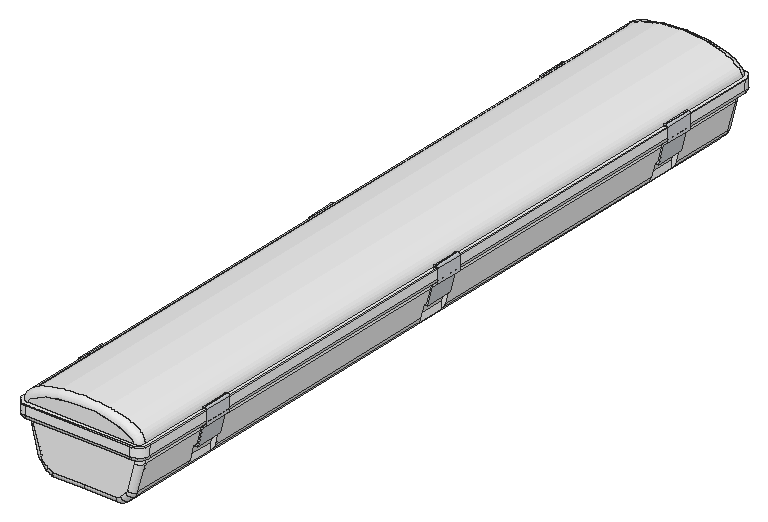
Revit family "0067943 Sylvania Lighting Fixture START Waterproof Twin 600 IP65 DALI 1400lm 840", category Lighting Fixtures, host Face, Revit 2016
Family settings
  Host = Face
  Part Type = Normal
  Round Connector Dimension = Use Diameter
  OmniClass Number = 23.80.70.11.14
  OmniClass Title = General Luminaries, Directional
  Cut with Voids When Loaded = No
  Light Source = Yes
  Shared = No
  Room Calculation Point = No
Parameters (values of type "0067943 ST WTRPRF T 600 IP65 DALI 1400LM 840")
  Width = 110 mm
  Weight = "1.12 kg"
  Wattage Comments = "n/a"
  Wattage = 12 W
  WarrantyStartDate [instance] = "n/a"
  WarrantyGuarantorParts = "n/a"
  WarrantyDurationUnit = "n/a"
  WarrantyDurationParts = "n/a"
  WarrantyDescription = "n/a"
  built-in parameter 1150110 = 1 (stored number, unit not read)
  Voltage = 0 V
  URL = "http://www.sylvania-lighting.com"
  TypeName = "START Waterproof Twin 600 IP65 DALI 1400lm 840"
  Type Image = <None>
  Type Comments = "n/a"
  built-in parameter 1114217 = 1 (stored number, unit not read)
  Tilt Angle = -90.00°
  built-in parameter 1150109 = 1 (stored number, unit not read)
  built-in parameter 1150134 = 12
  built-in parameter 1150113 = 1 (stored number, unit not read)
  SerialNumber [instance] = "n/a"
  ReflectorMaterial = none
  PowerFactor = 0
  PowerConsumption = "12 W"
  Photometric Web File = "0067943.ies"
  NominalWidth = 0 mm
  NominalLength = 665 mm
  NominalHeight = 78 mm
  Name = "START Waterproof Twin 600 IP65 DALI 1400lm 840"
  ModelReference = "START Waterproof Twin 600 IP65 DALI 1400lm 840"
  ModelNumber = "0067943"
  Model = "START Waterproof Twin 600 IP65 DALI 1400lm 840"
  Material = "polycarbonate housing, polycarbonate diffuser"
  ManufacturerName = "Feilo Sylvania"
  Manufacturer = "Feilo Sylvania"
  LuminousEfficacy = "115 lm/W"
  built-in parameter 1150105 = 109.82 (stored number, unit not read)
  Lumens = 1380 lm
  LuminaireType = ""
  built-in parameter 1150115 = 1 (stored number, unit not read)
  LightOutputRatio = "n/a"
  built-in parameter 1150137 = (empty or 0)
  built-in parameter 1150139 = (empty or 0)
  Length = 665 mm
  LampsType = Lamp  # "LED"
  LampNominalLuminous = "1400 lm"
  LampMacAdamStep = "n/a"
  LampColourTemperature = "4000 K"
  LampColourRenderingIndex = "80"
  built-in parameter 1150112 = 1 (stored number, unit not read)
  built-in parameter 1150114 = 1 (stored number, unit not read)
  Lamp = "LED"
  Keynote = "16500"
  InstallationDate [instance] = "n/a"
  InputVoltage = "n/a"
  InputNominalFrequency = "n/a"
  built-in parameter 1150132 = (empty or 0)
  built-in parameter 1150102 = (empty or 0)
  built-in parameter 1150107 = 4000 (stored number, unit not read)
  built-in parameter 1150138 = (empty or 0)
  IngressProtection = "IP65"
  ImpactProtectionIndex = "IK08"
  built-in parameter 1150106 = 1.0982 (stored number, unit not read)
  IfcExportType = "IfcLightFixtureType"
  IfcExportAs = "IfcLightFixtureType"
  ExpectedLife = 50000
  Emit from Rectangle Width = Width - 20 mm  # 90 mm
  Emit from Rectangle Length = Length - 20 mm  # 645 mm
  Emit Shape Visible in Rendering = no
  ElectricShockClassification = "Class I"
  built-in parameter 1150104 = 10.684 (stored number, unit not read)
  DurationUnit = "hours"
  DocumentationLiterature = "http://www.sylvania-lighting.com/product/en-int/products/0067943"
  DimmingControlOptions = "n/a"
  Dimming Lamp Color Temperature Shift = <None>
  DiffuserMaterial = Diffuser-Sylvania-Transparent
  Description = ""
  Default Elevation = 1219.2 mm
  CreatedOn = "11/27/2018"
  CreatedBy = "@sylvania-lighting.com"
  Cost = 0
  Color Filter = 16777215
  built-in parameter 1114216 [instance] = (empty or 0)
  ClassificationValue = "EF_70_80"
  ClassificationName = "Uniclass2015"
  BracketOffset_FEILO = 360 mm
  BodyMaterial = Body-Sylvania-Gray
  BarCode [instance] = "n/a"
  built-in parameter 1114218 = 1 (stored number, unit not read)
  built-in parameter 1150133 = 10 (stored number, unit not read)
  AssetType = "Fixed"
  AssetIdentifier [instance] = "n/a"
  Assembly Code = "D5020200"
  Apparent Load = 12 VA
  AccessoryMaterial = Diffuser-Sylvania-Glow
Reference planes
  plane 1 "Center (Front/Back)": y = 0
  plane 2: z = 0
  plane 3 "Center (Left/Right)": x = 0
  plane 4: z = 54
  plane 5: x = -27.7
  plane 6: x = -34.8
  plane 7: x = -39.6
  plane 8: x = -42.2
  plane 9: z = 3
  plane 10: z = 7.8
  plane 11: z = 12.3
  plane 12: z = 36.6
  plane 13: z = 42.8
  plane 14: x = -51.1
  plane 15: z = 46.2
  plane 16: x = -55
  plane 17: y = 332.5
  plane 18: y = -332.5
  plane 19: x = 27.7
  plane 20: x = 34.8
  plane 21: x = 39.6
  plane 22: x = 42.2
  plane 23: x = 51.1
  plane 24: x = 55
  plane 25: y = 324.9
  plane 26: y = -324.9
  plane 27: y = -321.2
  plane 28: y = 321.2
  plane 29: z = 74
  plane 30: x = -51.5
  plane 31: x = 51.5
  plane 32: z = 55.2
  plane 33: y = -329
  plane 34: y = 329
  plane 35: x = -37.5
  plane 36: x = 37.5
  plane 37: x = -48.7
  plane 38: x = 48.7
  plane 39: x = 18
  plane 40: x = -18
  plane 41: z = 50.2
  plane 42: z = 24.6
  plane 43: y = 720
  plane 44: y = 706
  plane 45: y = 734
  plane 46: y = 250
  plane 47: y = 236
  plane 48: y = 264
  plane 49: y = 0
  plane 50: y = -14
  plane 51: y = 14
  plane 52: y = -250
  plane 53: y = -264
  plane 54: y = -236
Forms (mm)
  Sweep 1, solid, material "Body-Sylvania-Gray" <- "BodyMaterial", detail levels medium+fine
    path origin (1223.4, -4572, 54) x (0, -1, 0) y (1, 0, 0)
      loop
        arc (-4249.5, -1278.4) -> (-4242.429, -1275.471) -> (-4239.5, -1268.4) r 10
        line (-4239.5, -1268.4) -> (-4239.5, -1178.4)
        arc (-4239.5, -1178.4) -> (-4242.429, -1171.329) -> (-4249.5, -1168.4) r 10
        line (-4249.5, -1168.4) -> (-4894.5, -1168.4)
        arc (-4894.5, -1168.4) -> (-4901.571, -1171.329) -> (-4904.5, -1178.4) r 10
        line (-4904.5, -1178.4) -> (-4904.5, -1268.4)
        arc (-4904.5, -1268.4) -> (-4901.571, -1275.471) -> (-4894.5, -1278.4) r 10
        line (-4894.5, -1278.4) -> (-4249.5, -1278.4)
    profile origin (-55, 0, 54) x (-1, 0, 0) y (0, 0, 1)
      loop
        line (0, 0) -> (-1, 0) -> (-1, -7.726)
        arc (-1, -7.726) -> (-1.994, -9.498) -> (-3.9, -10.2) r 2.937
        line (-3.9, -10.2) -> (-8.571, -10.2) -> (-8.571, -11.2) -> (-3.9, -11.2)
        arc (-3.9, -11.2) -> (-1.313, -10.231) -> (0, -7.8) r 3.937
        line (0, -7.8) -> (0, 0)
  Sweep 2, solid, material "Body-Sylvania-Gray" <- "BodyMaterial", detail levels medium+fine
    path origin (0, 0, 0) x (1, 0, 0) y (0, 0, 1)
      loop
        line (48.7, 42.8) -> (48.7, 36.6) -> (42.203, 12.31)
        arc (42.203, 12.31) -> (41.199, 9.884) -> (39.6, 7.8) r 10.052
        line (39.6, 7.8) -> (34.8, 3)
        arc (34.8, 3) -> (31.554, 0.781) -> (27.7, 0) r 9.902
        line (27.7, 0) -> (0, 0) -> (-27.7, 0)
        arc (-27.7, 0) -> (-31.554, 0.781) -> (-34.8, 3) r 9.902
        line (-34.8, 3) -> (-39.6, 7.8)
        arc (-39.6, 7.8) -> (-41.199, 9.884) -> (-42.203, 12.31) r 10.052
        line (-42.203, 12.31) -> (-48.7, 36.6) -> (-48.7, 42.8)
    profile origin (0, 0, 0) x (0, 0, -1) y (0, -1, 0)
      loop
        arc (0, 319.9) -> (-1.464, 323.436) -> (-5, 324.9) r 5
        line (-5, 324.9) -> (-7.8, 324.9) -> (-7.8, -324.9) -> (-5, -324.9)
        arc (-5, -324.9) -> (-1.464, -323.436) -> (0, -319.9) r 5
        line (0, -319.9) -> (0, 319.9)
  Extrusion 3, solid, material "Body-Sylvania-Gray" <- "BodyMaterial", detail levels medium+fine
    sketch origin (1524, 324.9, 1219.2) x (1, 0, 0) y (0, 0, 1)
      loop
        arc (-1558.668, -1204.874) -> (-1558.443, -1205.418) -> (-1558.085, -1205.885) r 2.252
        line (-1558.085, -1205.885) -> (-1553.231, -1210.738)
        arc (-1553.231, -1210.738) -> (-1552.534, -1211.227) -> (-1551.7, -1211.4) r 2.102
        line (-1551.7, -1211.4) -> (-1496.3, -1211.4)
        arc (-1496.3, -1211.4) -> (-1495.466, -1211.227) -> (-1494.769, -1210.738) r 2.102
        line (-1494.769, -1210.738) -> (-1489.915, -1205.885)
        arc (-1489.915, -1205.885) -> (-1489.557, -1205.418) -> (-1489.332, -1204.874) r 2.252
        line (-1489.332, -1204.874) -> (-1483.1, -1181.575) -> (-1483.1, -1176.4) -> (-1564.9, -1176.4) -> (-1564.9, -1181.575) -> (-1558.668, -1204.874)
    from 0 to 649.8
  Sweep 4, solid, material "Diffuser-Sylvania-Transparent" <- "DiffuserMaterial", detail levels medium+fine
    path origin (0, 0, 0) x (1, 0, 0) y (0, 0, 1)
      loop
        spline (-51.5, 55.2) -> (-49.745, 60.066) -> (-44.6, 64.6) -> (-36.416, 68.494) -> (-25.75, 71.481) -> (-13.329, 73.359) -> (0, 74) -> (13.329, 73.359) -> (25.75, 71.481) -> (36.416, 68.494) -> (44.6, 64.6) -> (49.745, 60.066) -> (51.5, 55.2)
    profile origin (51.5, 0, 55.2) x (0, -1, 0) y (1, 0, 0)
      loop
        arc (329, -5.5) -> (327.389, -1.611) -> (323.5, 0) r 5.5
        line (323.5, 0) -> (-323.5, 0)
        arc (-323.5, 0) -> (-327.389, -1.611) -> (-329, -5.5) r 5.5
        line (-329, -5.5) -> (-329, -6.3) -> (-328, -6.3) -> (-328, -5.5)
        arc (-328, -5.5) -> (-326.682, -2.318) -> (-323.5, -1) r 4.5
        line (-323.5, -1) -> (323.5, -1)
        arc (323.5, -1) -> (326.682, -2.318) -> (328, -5.5) r 4.5
        line (328, -5.5) -> (328, -6.347) -> (329, -6.347) -> (329, -5.5)
  Extrusion 5, solid, material "Diffuser-Sylvania-Transparent" <- "DiffuserMaterial", detail levels medium+fine
    sketch origin (1524, -329, 1219.2) x (1, 0, 0) y (0, 0, 1)
      loop
        line (-1569.653, -1164) -> (-1478.347, -1164)
        spline (-1478.347, -1164) -> (-1478.969, -1162.594) -> (-1482.527, -1159.545) -> (-1489.588, -1156.201) -> (-1499.458, -1153.445) -> (-1511.242, -1151.663) -> (-1524, -1151.049) -> (-1536.758, -1151.663) -> (-1548.542, -1153.445) -> (-1558.412, -1156.201) -> (-1565.473, -1159.545) -> (-1569.031, -1162.594) -> (-1569.653, -1164)
    from 0 to -1
  Extrusion 6, solid, material "Diffuser-Sylvania-Transparent" <- "DiffuserMaterial", detail levels medium+fine
    sketch origin (1524, 329, 1219.2) x (1, 0, 0) y (0, 0, 1)
      loop
        spline (-1478.3, -1164) -> (-1478.931, -1162.565) -> (-1482.502, -1159.505) -> (-1489.572, -1156.155) -> (-1499.446, -1153.394) -> (-1511.236, -1151.614) -> (-1524, -1151.007) -> (-1536.764, -1151.614) -> (-1548.554, -1153.394) -> (-1558.428, -1156.155) -> (-1565.498, -1159.505) -> (-1569.069, -1162.565) -> (-1569.7, -1164)
        line (-1569.7, -1164) -> (-1478.3, -1164)
    from 0 to 1
  Extrusion 7, solid, material "Diffuser-Sylvania-Transparent" <- "DiffuserMaterial", detail levels medium+fine
    sketch origin (1223.4, -4572, 55.2) x (0, -1, 0) y (-1, 0, 0)
      loop
        arc (-4900, 1177.4) -> (-4898.682, 1174.218) -> (-4895.5, 1172.9) r 4.5
        line (-4895.5, 1172.9) -> (-4248.5, 1172.9)
        arc (-4248.5, 1172.9) -> (-4245.318, 1174.218) -> (-4244, 1177.4) r 4.5
        line (-4244, 1177.4) -> (-4244, 1269.4)
        arc (-4244, 1269.4) -> (-4245.318, 1272.582) -> (-4248.5, 1273.9) r 4.5
        line (-4248.5, 1273.9) -> (-4895.5, 1273.9)
        arc (-4895.5, 1273.9) -> (-4898.682, 1272.582) -> (-4900, 1269.4) r 4.5
        line (-4900, 1269.4) -> (-4900, 1177.4)
      loop
        line (-4904.5, 1268.4) -> (-4904.5, 1178.4)
        arc (-4904.5, 1178.4) -> (-4901.571, 1171.329) -> (-4894.5, 1168.4) r 10
        line (-4894.5, 1168.4) -> (-4249.5, 1168.4)
        arc (-4249.5, 1168.4) -> (-4242.429, 1171.329) -> (-4239.5, 1178.4) r 10
        line (-4239.5, 1178.4) -> (-4239.5, 1268.4)
        arc (-4239.5, 1268.4) -> (-4242.429, 1275.471) -> (-4249.5, 1278.4) r 10
        line (-4249.5, 1278.4) -> (-4894.5, 1278.4)
        arc (-4894.5, 1278.4) -> (-4901.571, 1275.471) -> (-4904.5, 1268.4) r 10
    from 0 to 1.2
  Extrusion 8, solid, material "Diffuser-Sylvania-Glow" <- "AccessoryMaterial", detail levels fine
    sketch origin (0, 0, 0) x (1, 0, 0) y (0, 0, 1)
      loop
        circle (-18, 50.2) r 8
      loop
        circle (18, 50.2) r 8
    from -321.2 to 321.2
  Extrusion 9, solid, material "Body-Sylvania-Gray" <- "BodyMaterial", detail levels coarse
    sketch origin (0, 0, 0) x (1, 0, 0) y (0, 0, 1)
      loop
        line (55, 42.8) -> (55, 55.2) -> (-55, 55.2) -> (-55, 42.791) -> (-42.2, 0) -> (42.2, 0) -> (55, 42.8)
    from -332.5 to 332.5
  Extrusion 10, solid, material "Diffuser-Sylvania-Transparent" <- "DiffuserMaterial", detail levels coarse
    sketch origin (0, 0, 0) x (1, 0, 0) y (0, 0, 1)
      loop
        arc (51.5, 55.2) -> (0, 74) -> (-51.5, 55.2) r 79.939
        line (-51.5, 55.2) -> (51.5, 55.2)
    from 324.9 to -324.9
  Extrusion 11, void, not visible
    sketch origin (0, 720, 2343.807) x (0, 0, -1) y (-1, 0, 0)
      loop
        line (2340.807, -37.5) -> (2331.507, -37.5) -> (2319.207, -42.2) -> (2319.207, -48.7) -> (2340.807, -48.7) -> (2340.807, -37.5)
      loop
        line (2340.807, 37.5) -> (2340.807, 48.7) -> (2319.207, 48.7) -> (2319.207, 42.2) -> (2331.507, 37.5) -> (2340.807, 37.5)
    from -14 to 14
  Extrusion 12, void
    sketch origin (0, 250, 2343.807) x (0, 0, -1) y (-1, 0, 0)
      loop
        line (2340.807, -37.5) -> (2331.507, -37.5) -> (2319.207, -42.2) -> (2319.207, -48.7) -> (2340.807, -48.7) -> (2340.807, -37.5)
      loop
        line (2340.807, 37.5) -> (2340.807, 48.7) -> (2319.207, 48.7) -> (2319.207, 42.2) -> (2331.507, 37.5) -> (2340.807, 37.5)
    from -14 to 14
  Extrusion 13, void
    sketch origin (0, 0, 2343.807) x (0, 0, -1) y (-1, 0, 0)
      loop
        line (2340.807, -37.5) -> (2331.507, -37.5) -> (2319.207, -42.2) -> (2319.207, -48.7) -> (2340.807, -48.7) -> (2340.807, -37.5)
      loop
        line (2340.807, 37.5) -> (2340.807, 48.7) -> (2319.207, 48.7) -> (2319.207, 42.2) -> (2331.507, 37.5) -> (2340.807, 37.5)
    from -14 to 14
  Extrusion 14, void
    sketch origin (0, -250, 2343.807) x (0, 0, -1) y (-1, 0, 0)
      loop
        line (2340.807, -37.5) -> (2331.507, -37.5) -> (2319.207, -42.2) -> (2319.207, -48.7) -> (2340.807, -48.7) -> (2340.807, -37.5)
      loop
        line (2340.807, 37.5) -> (2340.807, 48.7) -> (2319.207, 48.7) -> (2319.207, 42.2) -> (2331.507, 37.5) -> (2340.807, 37.5)
    from -14 to 14
Cuts and joins
  Extrusion 12, Extrusion 13, Extrusion 14 cuts Sweep 2
  Extrusion 12, Extrusion 13, Extrusion 14 cuts Extrusion 3
  joined: Sweep 2, Extrusion 3
  joined: Sweep 4, Extrusion 5, Extrusion 6
Dimensions and locks
  locked: plane 4 to plane 2 at 54
  plane 5 to plane 6 to plane 7 to plane 8 to plane 14 to plane 16 = 7.1 mm locked, 4.8 mm locked, 2.6 mm locked, 8.9 mm, 3.9 mm
  plane 4 to plane 15 to plane 13 to plane 12 to plane 11 to plane 10 to plane 9 = 7.8 mm locked, 3.4 mm, 6.2 mm locked, 24.3 mm locked, 4.5 mm locked, 4.8 mm locked
  equal spacing: plane 18, plane 1 "Center (Front/Back)", plane 17
  "Length": plane 18 to plane 17
  plane 19 to plane 20 to plane 21 to plane 22 to plane 23 to plane 24 = 7.1 mm locked, 4.8 mm locked, 2.6 mm locked, 8.9 mm, 3.9 mm
  equal spacing: plane 24, plane 3 "Center (Left/Right)", plane 16
  "Width": plane 24 to plane 16
  equal spacing: plane 27, plane 1 "Center (Front/Back)", plane 28
  locked: plane 26 to plane 27 at 3.7
  locked: Sweep 1 sketch curve to profile plane at 1
  locked: Sweep 1 sketch curve to plane 13 at 1
  locked: Sweep 1 sketch curve to plane 13 at 3.937  (x2)
  locked: Sweep 1 sketch curve to profile plane at 3.9  (x2)
  locked: plane 29 to plane 4 at 20
  equal spacing: plane 31, plane 3 "Center (Left/Right)", plane 30
  locked: plane 30 to plane 16 at 3.5
  locked: plane 32 to plane 4 at 1.2
  equal spacing: plane 33, plane 1 "Center (Front/Back)", plane 34
  equal spacing: plane 36, plane 3 "Center (Left/Right)", plane 35
  locked: plane 3 "Center (Left/Right)" to plane 35 at 37.5
  locked: plane 34 to plane 17 at 3.5
  equal spacing: plane 38, plane 3 "Center (Left/Right)", plane 37
  locked: plane 37 to plane 16 at 6.3
  equal spacing: plane 25, plane 1 "Center (Front/Back)", plane 26
  locked: plane 17 to plane 25 at 7.6
  locked: Sweep 2 sketch curve to plane 2 at 5  (x2)
  locked: Sweep 2 sketch curve to plane 26 at 5
  locked: plane 25 to Sweep 2 sketch curve at 5
  locked: Sweep 4 sketch curve to plane 31 at 5.5  (x2)
  locked: Sweep 4 sketch curve to plane 34 at 5.5
  plane 33 to Sweep 4 sketch curve = 5.5 mm
  locked: plane 34 to Sweep 4 sketch curve at 1
  locked: Sweep 4 sketch curve to plane 31 at 1
  locked: Sweep 4 sketch curve to Sweep 4 sketch curve at 1
  locked: Sweep 4 sketch curve to plane 31 at 6.347
  locked: Sweep 4 sketch curve to plane 31 at 6.3
  equal spacing: plane 39, plane 3 "Center (Left/Right)", plane 40
  locked: plane 3 "Center (Left/Right)" to plane 40 at 18
  locked: plane 42 to plane 2 at 24.6
  plane 45 to plane 43 to plane 44 = 14 mm locked, 14 mm locked
  plane 48 to plane 46 to plane 47 = 14 mm locked, 14 mm locked
  plane 51 to plane 49 to plane 50 = 14 mm locked, 14 mm locked
  plane 54 to plane 52 to plane 53 = 14 mm locked, 14 mm locked
  equal spacing: plane 46, plane 1 "Center (Front/Back)", plane 52
  locked: plane 46 to plane 1 "Center (Front/Back)" at 250
  aligned and locked: plane 2 to host face
  aligned and locked: level to host face
  aligned and locked: plane 16 to Sweep 1 sketch curve
  aligned and locked: Sweep 1 sketch curve to plane 24
  aligned and locked: plane 18 to Sweep 1 sketch curve
  aligned and locked: Sweep 1 sketch curve to plane 13
  aligned and locked: profile plane to Sweep 1 sketch curve
  aligned and locked: plane 3 "Center (Left/Right)" to Sweep 2 sketch curve
  aligned and locked: plane 9 to Sweep 2 sketch curve
  aligned and locked: plane 10 to Sweep 2 sketch curve
  aligned and locked: plane 37 to Sweep 2 sketch curve
  aligned and locked: plane 12 to Sweep 2 sketch curve
  aligned and locked: Sweep 2 sketch curve to level
  aligned and locked: plane 21 to Sweep 2 sketch curve
  aligned and locked: plane 38 to Sweep 2 sketch curve
  aligned and locked: profile plane to Sweep 2 sketch curve
  aligned and locked: plane 25 to Sweep 2 sketch curve
  aligned and locked: Sweep 2 sketch curve to plane 10
  aligned and locked: Extrusion 3 sketch curve to Sweep 2  (x7)
  aligned and locked: Sweep 2 to Extrusion 3 sketch curve
  aligned and locked: Extrusion 3 to plane 25
  aligned and locked: plane 26 to Extrusion 3
  aligned and locked: plane 32 to Sweep 4 sketch curve
  aligned and locked: plane 33 to Sweep 4 sketch curve
  aligned and locked: Sweep 4 to Extrusion 5
  aligned and locked: plane 33 to Extrusion 5
  aligned and locked: Extrusion 5 sketch curve to Sweep 4
  aligned and locked: cut or joined group of Sweep 4, Extrusion 5, Extrusion 6 to Extrusion 6 sketch curve
  aligned and locked: Extrusion 7 sketch curve to cut or joined group of Sweep 4, Extrusion 5, Extrusion 6  (x2)
  aligned and locked: cut or joined group of Sweep 4, Extrusion 5, Extrusion 6 to Extrusion 7 sketch curve  (x2)
  aligned and locked: plane 41 to Extrusion 8 sketch curve  (x2)
  aligned and locked: plane 39 to Extrusion 8 sketch curve
  aligned and locked: plane 27 to Extrusion 8
  aligned and locked: Extrusion 8 to plane 28
  aligned and locked: Extrusion 7 sketch curve to Sweep 1  (x4)
  aligned and locked: plane 4 to Extrusion 7
  aligned and locked: Extrusion 7 to plane 32
  aligned and locked: Extrusion 9 sketch curve to plane 24
  aligned and locked: Extrusion 9 sketch curve to Extrusion 7
  aligned and locked: plane 8 to Extrusion 9 sketch curve
  aligned and locked: plane 22 to Extrusion 9 sketch curve
  aligned and locked: level to Extrusion 9 sketch curve
  aligned and locked: Extrusion 9 to plane 17
  aligned and locked: plane 18 to Extrusion 9
  aligned and locked: cut or joined group of Sweep 4, Extrusion 5, Extrusion 6 to Extrusion 10 sketch curve
  aligned and locked: Extrusion 10 sketch curve to cut or joined group of Sweep 4, Extrusion 5, Extrusion 6  (x2)
  aligned and locked: plane 31 to Extrusion 10 sketch curve
  aligned and locked: plane 30 to Extrusion 10 sketch curve
  aligned and locked: plane 26 to Extrusion 10
  aligned and locked: Extrusion 10 to plane 25
  aligned and locked: imposter light to plane 29
  aligned and locked: plane 3 "Center (Left/Right)" to imposter light
  aligned and locked: plane 1 "Center (Front/Back)" to imposter light
  aligned and locked: plane 47 to Extrusion 12
  aligned and locked: Extrusion 12 to plane 48
  aligned and locked: plane 50 to Extrusion 13
  aligned and locked: Extrusion 13 to plane 51
  aligned and locked: plane 53 to Extrusion 14
  aligned and locked: Extrusion 14 to plane 54
  aligned and locked: nested 1 to plane 46
  aligned and locked: plane 46 to nested 6
  aligned and locked: nested 2 to plane 49
  aligned and locked: plane 49 to nested 5
  aligned and locked: nested 3 to plane 52
  aligned and locked: plane 52 to nested 4
  aligned and locked: plane 49 to plane 1 "Center (Front/Back)"
Automatic sketch dimensions
  host sketch curve to host sketch curve = 2438.4 mm  (x2)
  plane 17 to Sweep 1 sketch curve = 0 mm
  Sweep 1 sketch curve to plane 28 = 1.3 mm
  Sweep 1 sketch curve to plane 7 = 5.4 mm
  plane 27 to Sweep 1 sketch curve = 1.3 mm  (x2)
  Sweep 1 sketch curve to Sweep 1 sketch curve = 4.671 mm
  Sweep 1 sketch curve to plane 4 = 0 mm
  Sweep 2 sketch curve to plane 7 = 0 mm
  Sweep 2 sketch curve to plane 6 = 0 mm
  Sweep 2 sketch curve to plane 5 = 0 mm
  plane 19 to Sweep 2 sketch curve = 0 mm
  Sweep 2 sketch curve to plane 9 = 0 mm
  plane 20 to Sweep 2 sketch curve = 0 mm
  Sweep 2 sketch curve to plane 12 = 0 mm
  Sweep 2 sketch curve to plane 10 = 0 mm
  Sweep 2 sketch curve to plane 13 = 0 mm  (x2)
  Sweep 2 sketch curve to plane 8 = 0.003 mm
  plane 6 to Sweep 2 sketch curve = 2.308 mm
  plane 20 to Sweep 2 sketch curve = 2.308 mm
  Sweep 2 sketch curve to plane 22 = 0.003 mm
  Sweep 2 sketch curve to plane 11 = 0.01 mm  (x2)
  Extrusion 3 sketch curve to plane 5 = 0 mm
  plane 19 to Extrusion 3 sketch curve = 0 mm
  plane 6 to Extrusion 3 sketch curve = 0.132 mm
  plane 6 to Extrusion 3 sketch curve = 0.715 mm
  Extrusion 3 sketch curve to Extrusion 3 sketch curve = 1.592 mm
  Extrusion 3 sketch curve to plane 10 = 0.662 mm  (x2)
  plane 20 to Extrusion 3 sketch curve = 2.308 mm
  plane 20 to Extrusion 3 sketch curve = 0.715 mm
  plane 20 to Extrusion 3 sketch curve = 0.132 mm
  Sweep 4 sketch curve to plane 30 = 0 mm
  Sweep 4 sketch curve to plane 3 "Center (Left/Right)" = 0 mm
  Sweep 4 sketch curve to Sweep 4 sketch curve = 0 mm  (x2)
  plane 37 to Extrusion 5 sketch curve = 3.047 mm
  Extrusion 5 sketch curve to plane 38 = 3.047 mm
  plane 37 to Extrusion 6 sketch curve = 3 mm
  Extrusion 6 sketch curve to plane 38 = 3 mm
  plane 25 to Extrusion 7 sketch curve = 1.4 mm  (x2)
  Extrusion 7 sketch curve to plane 26 = 1.4 mm  (x2)
  Extrusion 8 sketch curve to plane 40 = 0 mm
  Extrusion 9 sketch curve to plane 13 = 0 mm
  plane 13 to Extrusion 9 sketch curve = 0.009 mm
  Extrusion 10 sketch curve to level = 5.939 mm
  Extrusion 9 sketch curve to plane 16 = 0 mm
  Extrusion 11 sketch curve to Extrusion 11 sketch curve = 0 mm
  Extrusion 11 sketch curve to Extrusion 11 sketch curve = 12.3 mm  (x2)
  Extrusion 11 sketch curve to Extrusion 11 sketch curve = 9.3 mm  (x2)
  Extrusion 11 sketch curve to Extrusion 11 sketch curve = 6.5 mm
  Extrusion 11 sketch curve to Extrusion 11 sketch curve = 4.7 mm  (x2)
  Extrusion 11 sketch curve to Extrusion 11 sketch curve = 75 mm
  Extrusion 11 sketch curve to Extrusion 11 sketch curve = 11.2 mm
  Extrusion 12 sketch curve to Extrusion 12 sketch curve = 0 mm
  Extrusion 12 sketch curve to Extrusion 12 sketch curve = 12.3 mm  (x2)
  Extrusion 12 sketch curve to Extrusion 12 sketch curve = 9.3 mm  (x2)
  Extrusion 12 sketch curve to Extrusion 12 sketch curve = 6.5 mm
  Extrusion 12 sketch curve to Extrusion 12 sketch curve = 4.7 mm  (x2)
  Extrusion 12 sketch curve to Extrusion 12 sketch curve = 75 mm
  Extrusion 12 sketch curve to Extrusion 12 sketch curve = 11.2 mm
  Extrusion 13 sketch curve to Extrusion 13 sketch curve = 0 mm
  Extrusion 13 sketch curve to Extrusion 13 sketch curve = 12.3 mm  (x2)
  Extrusion 13 sketch curve to Extrusion 13 sketch curve = 9.3 mm  (x2)
  Extrusion 13 sketch curve to Extrusion 13 sketch curve = 6.5 mm
  Extrusion 13 sketch curve to Extrusion 13 sketch curve = 4.7 mm  (x2)
  Extrusion 13 sketch curve to Extrusion 13 sketch curve = 75 mm
  Extrusion 13 sketch curve to Extrusion 13 sketch curve = 11.2 mm
  Extrusion 14 sketch curve to Extrusion 14 sketch curve = 0 mm
  Extrusion 14 sketch curve to Extrusion 14 sketch curve = 12.3 mm  (x2)
  Extrusion 14 sketch curve to Extrusion 14 sketch curve = 9.3 mm  (x2)
  Extrusion 14 sketch curve to Extrusion 14 sketch curve = 6.5 mm
  Extrusion 14 sketch curve to Extrusion 14 sketch curve = 4.7 mm  (x2)
  Extrusion 14 sketch curve to Extrusion 14 sketch curve = 75 mm
  Extrusion 14 sketch curve to Extrusion 14 sketch curve = 11.2 mm
  radius of Extrusion 8 sketch curve = 8 mm  (x2)
Nested families
  nested 1: "Clip" at (-42.2, 250, 24.6) x (-1, 0, 0) z (0, 0, 1), type "Clip", detail levels fine
  nested 2: "Clip" at (-42.2, 0, 24.6) x (-1, 0, 0) z (0, 0, 1), type "Clip", detail levels fine
  nested 3: "Clip" at (-42.2, -250, 24.6) x (-1, 0, 0) z (0, 0, 1), type "Clip", detail levels fine
  nested 4: "Clip" at (42.2, -250, 24.6), type "Clip", detail levels fine
  nested 5: "Clip" at (42.2, 0, 24.6), type "Clip", detail levels fine
  nested 6: "Clip" at (42.2, 250, 24.6), type "Clip", detail levels fine
Connectors
  electrical at (0, 0, 0), driven by "Apparent Load"
    settings: index 1, voltage 230 V, apparent load 12 VA, apparent load phase1 0 VA, apparent load phase2 0 VA, apparent load phase3 0 VA, power factor 0, load classification "Lighting", number of poles 1, system type 30, power factor state 1, is connector primary yes, connector utility no, sub classification motor no, connector description ""
Definition of nested family "Clip"
  Parameters (values of type "Clip")
    URL = "http://www.feilosylvania.com"
    Type Comments = "n/a"
    Model = "n/a"
    Manufacturer = "Feilo Sylvania"
    Keynote = "n/a"
    Description = "n/a"
    Default Elevation = 1219.2 mm
    Cost = 0
    BodyMaterial = none
    Assembly Code = "n/a"
  Reference planes
    plane 1 "Center (Front/Back)": y = 0
    plane 2: z = 0
    plane 3 "Center (Left/Right)": x = 0
    plane 4: x = 3.3
    plane 5: x = 6.5
    plane 6: x = 8.9
    plane 7: x = 12.8
    plane 8: z = 12
    plane 9: z = 18.2
    plane 10: z = 21.6
    plane 11: z = 30.6
    plane 12: x = 9.3
    plane 13: z = 19.2
    plane 14: z = 16.2
    plane 15: x = 10.1
    plane 16: y = 12
    plane 17: y = -12
  Forms (mm)
    Extrusion 1, solid
      sketch origin (-0.8, 0, 0) x (1, 0, 0) y (0, 1, 0)
        loop
          line (-1219.2, 1219.2) -> (-1219.2, -1219.2) -> (1219.2, -1219.2) -> (1219.2, 1219.2) -> (-1219.2, 1219.2)
      from 0 to -304.8
    Extrusion 2, solid
      sketch origin (0, 0, 0) x (1, 0, 0) y (0, 0, 1)
        loop
          line (8.9, 16.2) -> (4.58, 0) -> (0, 0) -> (0, -0.8) -> (5.195, -0.8) -> (9.603, 15.731) -> (13.6, 18.806) -> (13.6, 30.6)
          arc (13.6, 30.6) -> (11.45, 32.75) -> (9.3, 30.6) r 2.15
          line (9.3, 30.6) -> (10.1, 30.6)
          arc (10.1, 30.6) -> (11.45, 31.95) -> (12.8, 30.6) r 1.35
          line (12.8, 30.6) -> (12.8, 19.2) -> (8.9, 16.2)
      from -12 to 12
  Lines and regions (mm)
    reference lines
      curve 1: line (3.3, 0, 0) -> (6.5, 0, 12)
      curve 2: arc (8.9, 0, 18.2) -> (11.488, 0, 19.169) -> (12.8, 0, 21.6) r 3.934
  Dimensions and locks
    plane 7 to plane 6 to plane 5 to plane 4 to plane 3 "Center (Left/Right)" = 3.9 mm locked, 2.4 mm locked, 3.2 mm locked, 3.3 mm locked
    plane 11 to plane 10 to plane 9 to plane 8 to plane 2 = 9 mm locked, 3.4 mm locked, 6.2 mm locked, 12 mm locked
    locked: plane 7 to plane 12 at 3.5
    locked: plane 13 to plane 9 at 1
    locked: plane 9 to plane 14 at 2
    locked: plane 15 to plane 12 at 0.8
    locked: plane 2 to Extrusion 2 sketch curve at 0.8
    locked: Extrusion 2 sketch curve to Extrusion 2 sketch curve at 0.8  (x3)
    locked: plane 7 to Extrusion 2 sketch curve at 1.35
    equal spacing: plane 17, plane 1 "Center (Front/Back)", plane 16
    locked: plane 1 "Center (Front/Back)" to plane 16 at 12
    aligned and locked: plane 2 to Extrusion 1
    aligned and locked: level to Extrusion 1
    aligned and locked: plane 4 to curve 1
    aligned and locked: plane 5 to curve 1
    aligned and locked: plane 6 to curve 2
    aligned and locked: plane 10 to curve 2
    aligned and locked: plane 14 to Extrusion 2 sketch curve
    aligned and locked: plane 13 to Extrusion 2 sketch curve
    aligned and locked: plane 7 to Extrusion 2 sketch curve
    aligned and locked: plane 3 "Center (Left/Right)" to Extrusion 2 sketch curve
    aligned and locked: Extrusion 2 sketch curve to level
    aligned and locked: Extrusion 2 sketch curve to plane 11
    aligned and locked: plane 11 to Extrusion 2 sketch curve
    aligned and locked: Extrusion 2 to plane 16
    aligned and locked: plane 17 to Extrusion 2
  Automatic sketch dimensions
    Extrusion 1 sketch curve to Extrusion 1 sketch curve = 2438.4 mm  (x2)
    curve 2 to plane 7 = 0 mm
    curve 1 to level = 0 mm
    curve 1 to plane 8 = 0 mm
    curve 2 to plane 9 = 0 mm
    plane 6 to curve 2 = 0.002 mm
    Extrusion 2 sketch curve to Extrusion 2 sketch curve = 0 mm
    Extrusion 2 sketch curve to plane 6 = 0 mm
    plane 4 to Extrusion 2 sketch curve = 1.28 mm
